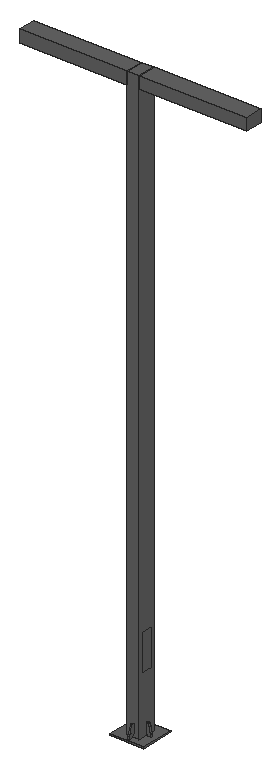
Revit family "Lin1-16.4ft-Double Head", category Lighting Fixtures, Revit 2022
Family settings
  Round Connector Dimension = Use Diameter
  Part Type = Normal
  OmniClass Number = 23.80.70.00
  OmniClass Title = Lighting
  Work Plane-Based = No
  Always vertical = Yes
  Cut with Voids When Loaded = No
  Light Source = No
  Maintain Annotation Orientation = No
  Shared = No
  Room Calculation Point = No
Parameters (values of type "LIN1-30W-3000K-II-9.84ft")
  Wattage Comments = "30W"
  URL = "https://www.abovealllighting.com/Product/LED-OUTDOOR-FIXTURES/LEDMOONSERIESPOSTTOP/MACKLINColumnLight.html"
  Power Factor = "0.9"
  Model = "LIN1-3030801-II-BK"
  Manufacturer = "Above All Lighting"  # constant formula
  Load Classification = Lighting
  Lamp = "LED"
  Input Voltage = "120-277V"
  IP Rating = "IP65"
  IES = IES : 30W-II
  H = 16' - 4 205/256"  # constant formula
  Default Elevation = 0' - 0"
  CRI = "80"
Types (17): name | Wattage Comments | Model | IES
  (no name) | "30W" | "LIN1-3030801-II-BK" | IES : 30W-II
  LIN1-30W-3000K-II-9.84ft | "30W" | "LIN1-3030801-II-BK" | IES : 30W-II
  LIN1-30W-3000K-III-9.84ft | "30W" | "LIN1-3030801-III-BK" | IES : 30W-III
  LIN1-30W-3000K-IV-9.84ft | "30W" | "LIN1-3030801-IV-BK" | IES : 30W-IV
  LIN1-30W-3000K-V-9.84ft | "30W" | "LIN1-3030801-V-BK" | IES : 30W-V
  LIN1-40W-3000K-II-9.84ft | "40W" | "LIN1-4030801-II-BK" | IES : 40W-II
  LIN1-40W-3000K-III-9.84ft | "40W" | "LIN1-4030801-III-BK" | IES : 40W-III
  LIN1-40W-3000K-IV-9.84ft | "40W" | "LIN1-4030801-IV-BK" | IES : 40W-IV
  LIN1-40W-3000K-V-9.84ft | "40W" | "LIN1-4030801-V-BK" | IES : 40W-V
  LIN1-50W-3000K-II-9.84ft | "50W" | "LIN1-5030801-II-BK" | IES : 50W-II
  LIN1-50W-3000K-III-9.84ft | "50W" | "LIN1-5030801-III-BK" | IES : 50W-III
  LIN1-50W-3000K-IV-9.84ft | "50W" | "LIN1-5030801-IV-BK" | IES : 50W-IV
  LIN1-50W-3000K-V-9.84ft | "50W" | "LIN1-5030801-V-BK" | IES : 50W-V
  LIN1-60W-3000K-II-9.84ft | "60W" | "LIN1-6030801-II-BK" | IES : 60W-II
  LIN1-60W-3000K-III-9.84ft | "60W" | "LIN1-6030801-III-BK" | IES : 60W-III
  LIN1-60W-3000K-IV-9.84ft | "60W" | "LIN1-6030801-IV-BK" | IES : 60W-IV
  LIN1-60W-3000K-V-9.84ft | "60W" | "LIN1-6030801-V-BK" | IES : 60W-V
Reference planes (in)
  plane 1 "Light Source Axis (F/B)": y = 0
  plane 2: z = 0
  plane 3 "Light Source Axis (L/R)": x = 0
  plane 4 "Light Source Elevation": z = 192.86078
  plane 5: z = 196.80078
  plane 6: x = -1.99
  plane 7: x = 1.99
  plane 8: x = 37.42
  plane 9: z = 192.86078
Forms (in)
  Extrusion 1, solid, material "Metal, Paint Finish, White, Matte"
    sketch origin (0, 0, 0) x (1, 0, 0) y (0, 1, 0)
      loop
        line (-1.99, 2.95) -> (-1.99, -2.95) -> (1.99, -2.95) -> (1.99, 2.95) -> (-1.99, 2.95)
    from 0 to 196.80078
  Extrusion 2, solid, material "Metal, Paint Finish, White, Matte"
    sketch origin (0, 0, 0) x (1, 0, 0) y (0, 1, 0)
      loop
        line (1.99, 2.95) -> (1.99, -2.95) -> (37.42, -2.95) -> (37.42, 2.95) -> (1.99, 2.95)
    from 192.86078 to 196.80078
  Extrusion 3, solid, material "Metal, Paint Finish, White, Matte"
    sketch origin (0, 0, 0) x (1, 0, 0) y (0, 1, 0)
      loop
        line (-5.51, 5.51) -> (-5.51, -5.51) -> (5.51, -5.51) -> (5.51, 5.51) -> (-5.51, 5.51)
    from 0 to 0.394
  Extrusion 4, solid, material "Glass, White, High Luminance"
    sketch origin (0, 0, 0) x (1, 0, 0) y (0, 1, 0)
      loop
        line (20.18595, 1.42747) -> (20.18595, -1.42747) -> (29.42, -1.42747) -> (29.42, 1.42747) -> (20.18595, 1.42747)
    from 192.78709 to 192.86078
  Extrusion 5, solid, material "Metal, Paint Finish, White, Matte"
    sketch origin (0, 0, 0) x (0, 1, 0) y (0, 0, 1)
      loop
        arc (-1.27, 31.5) -> (-1.62355, 31.35355) -> (-1.77, 31) r 0.5
        line (-1.77, 31) -> (-1.77, 20.19)
        arc (-1.77, 20.19) -> (-1.62355, 19.83645) -> (-1.27, 19.69) r 0.5
        line (-1.27, 19.69) -> (1.27, 19.69)
        arc (1.27, 19.69) -> (1.62355, 19.83645) -> (1.77, 20.19) r 0.5
        line (1.77, 20.19) -> (1.77, 31)
        arc (1.77, 31) -> (1.62355, 31.35355) -> (1.27, 31.5) r 0.5
        line (1.27, 31.5) -> (-1.27, 31.5)
    from 1.99 to 2.21533
  Extrusion 6, solid, material "Metal, Paint Finish, White, Matte"
    sketch origin (0, 0, 0) x (-1, 0, 0) y (0, -1, 0)
      loop
        line (1.99, -2.95) -> (37.42, -2.95) -> (37.42, 2.95) -> (1.99, 2.95) -> (1.99, -2.95)
    from 192.86078 to 196.80078
  Extrusion 7, solid, material "Glass, White, High Luminance"
    sketch origin (0, 0, 0) x (-1, 0, 0) y (0, -1, 0)
      loop
        line (20.18595, -1.42747) -> (29.42, -1.42747) -> (29.42, 1.42747) -> (20.18595, 1.42747) -> (20.18595, -1.42747)
    from 192.78709 to 192.86078
  Extrusion 8, solid, material "Metal, Paint Finish, White, Matte"
    sketch origin (-0.20493, 0, 0) x (0, 1, 0) y (0, 0, 1)
      loop
        line (-2.95, 1.18777) -> (-2.95, 4.32486) -> (-3.44573, 4.32486)
        arc (-3.44573, 4.32486) -> (-3.67329, 4.25224) -> (-3.81672, 4.06124) r 0.39285
        line (-3.81672, 4.06124) -> (-4.74377, 1.20807) -> (-4.74377, 0.394) -> (-3.74377, 0.394) -> (-2.95, 1.18777)
      loop
        line (2.95, 1.18777) -> (3.74377, 0.394) -> (4.74377, 0.394) -> (4.74377, 1.20807) -> (3.81672, 4.06124)
        arc (3.81672, 4.06124) -> (3.67329, 4.25224) -> (3.44573, 4.32486) r 0.39285
        line (3.44573, 4.32486) -> (2.95, 4.32486) -> (2.95, 1.18777)
    from 0 to 0.40986
  Extrusion 9, solid, material "Metal, Paint Finish, White, Matte"
    sketch origin (0, 0.20493, 0) x (1, 0, 0) y (0, 0, 1)
      loop
        line (-1.99, 1.18777) -> (-1.99, 4.32486) -> (-2.48573, 4.32486)
        arc (-2.48573, 4.32486) -> (-2.71329, 4.25224) -> (-2.85672, 4.06124) r 0.39285
        line (-2.85672, 4.06124) -> (-3.78377, 1.20807) -> (-3.78377, 0.394) -> (-2.78377, 0.394) -> (-1.99, 1.18777)
      loop
        line (1.99, 1.18777) -> (2.78377, 0.394) -> (3.78377, 0.394) -> (3.78377, 1.20807) -> (2.85672, 4.06124)
        arc (2.85672, 4.06124) -> (2.71329, 4.25224) -> (2.48573, 4.32486) r 0.39285
        line (2.48573, 4.32486) -> (1.99, 4.32486) -> (1.99, 1.18777)
    from 0 to 0.40986
Dimensions and locks (in)
  locked: plane 5 to plane 9 at 3.94
  locked: plane 8 to Extrusion 1 at 39.41
  "H": plane 5 to level
  locked: Extrusion 3 to Extrusion 3 at 0.394
  locked: Extrusion 1 to Extrusion 1 at 5.9
  locked: Extrusion 3 to Extrusion 3 at 11.02  (x2)
  locked: Extrusion 4 to Extrusion 2 at 0.07369
  locked: plane 8 to Extrusion 1 at 35.43
  locked: Extrusion 7 to Extrusion 6 at 0.07369
  aligned and locked: level to plane 2
  aligned and locked: Extrusion 1 to level
  aligned and locked: plane 5 to Extrusion 1
  aligned and locked: Extrusion 2 sketch curve to Extrusion 1  (x2)
  aligned and locked: plane 5 to Extrusion 2
  aligned and locked: plane 9 to Extrusion 2
  aligned and locked: Extrusion 2 to Extrusion 1
  aligned and locked: Extrusion 1 to plane 5
  aligned and locked: Extrusion 3 to level
  aligned and locked: plane 9 to plane 4 "Light Source Elevation"
  aligned and locked: Extrusion 4 to plane 9
  aligned and locked: Extrusion 5 to Extrusion 1
  aligned and locked: plane 5 to Extrusion 6
  aligned and locked: plane 9 to Extrusion 6
  aligned and locked: Extrusion 7 to plane 9
  aligned and locked: Extrusion 7 to Extrusion 4
  aligned and locked: nested 1 to Extrusion 2
  aligned and locked: nested 2 to plane 9
Automatic sketch dimensions
  Extrusion 1 sketch curve to plane 6 = 0' - 0"
  Extrusion 1 sketch curve to plane 7 = 0' - 0"
  plane 1 "Light Source Axis (F/B)" to Extrusion 1 sketch curve = 0' - 2.95"
  Extrusion 1 sketch curve to plane 1 "Light Source Axis (F/B)" = 0' - 2.95"
  Extrusion 2 sketch curve to plane 7 = 0' - 0"
  Extrusion 2 sketch curve to plane 8 = 0' - 0"
  plane 6 to Extrusion 3 sketch curve = 0' - 3.52"
  plane 7 to Extrusion 3 sketch curve = 0' - 3.52"
  plane 1 "Light Source Axis (F/B)" to Extrusion 3 sketch curve = 0' - 5.51"
  Extrusion 3 sketch curve to plane 1 "Light Source Axis (F/B)" = 0' - 5.51"
  plane 1 "Light Source Axis (F/B)" to Extrusion 4 sketch curve = 0' - 1.42747"
  Extrusion 4 sketch curve to plane 8 = 1' - 5.23405"
  Extrusion 4 sketch curve to plane 8 = 0' - 8"
  Extrusion 4 sketch curve to plane 1 "Light Source Axis (F/B)" = 0' - 1.42747"
  plane 1 "Light Source Axis (F/B)" to Extrusion 5 sketch curve = 0' - 1.77"
  Extrusion 5 sketch curve to Extrusion 5 sketch curve = 0' - 0 1/2"  (x3)
  Extrusion 5 sketch curve to plane 1 "Light Source Axis (F/B)" = 0' - 1.27"  (x2)
  level to Extrusion 5 sketch curve = 1' - 7.69"
  Extrusion 5 sketch curve to Extrusion 5 sketch curve = 0' - 10.81"
  Extrusion 6 sketch curve to plane 6 = 0' - 0"
  plane 1 "Light Source Axis (F/B)" to Extrusion 6 sketch curve = 0' - 2.95"
  Extrusion 6 sketch curve to Extrusion 6 sketch curve = 2' - 11.43"
  Extrusion 6 sketch curve to plane 1 "Light Source Axis (F/B)" = 0' - 2.95"
  plane 1 "Light Source Axis (F/B)" to Extrusion 7 sketch curve = 0' - 1.42747"
  plane 6 to Extrusion 7 sketch curve = 1' - 6.19595"
  Extrusion 7 sketch curve to Extrusion 7 sketch curve = 0' - 9.23405"
  Extrusion 7 sketch curve to plane 1 "Light Source Axis (F/B)" = 0' - 1.42747"
  level to Extrusion 8 sketch curve = 0' - 1.20807"
  plane 1 "Light Source Axis (F/B)" to Extrusion 8 sketch curve = 0' - 4.74377"
  Extrusion 8 sketch curve to Extrusion 8 sketch curve = 0' - 0.92705"
  level to Extrusion 8 sketch curve = 0' - 0.394"  (x2)
  Extrusion 8 sketch curve to Extrusion 8 sketch curve = 0' - 1"  (x2)
  Extrusion 8 sketch curve to Extrusion 8 sketch curve = 0' - 0.37099"  (x2)
  Extrusion 8 sketch curve to Extrusion 8 sketch curve = 0' - 0.49573"  (x2)
  level to Extrusion 8 sketch curve = 0' - 1.18777"
  Extrusion 8 sketch curve to plane 1 "Light Source Axis (F/B)" = 0' - 2.95"
  Extrusion 8 sketch curve to Extrusion 8 sketch curve = 0' - 0.79377"  (x2)
  Extrusion 8 sketch curve to Extrusion 8 sketch curve = 0' - 0.81407"
  Extrusion 8 sketch curve to Extrusion 8 sketch curve = 0' - 2.74424"  (x2)
  Extrusion 8 sketch curve to Extrusion 8 sketch curve = 0' - 0.12924"  (x2)
  plane 6 to Extrusion 9 sketch curve = 0' - 0"
  Extrusion 9 sketch curve to plane 7 = 0' - 0"
  plane 6 to Extrusion 9 sketch curve = 0' - 0.49573"
  level to Extrusion 9 sketch curve = 0' - 0.394"  (x2)
  plane 6 to Extrusion 9 sketch curve = 0' - 0.79377"
  Extrusion 9 sketch curve to Extrusion 9 sketch curve = 0' - 0.37099"  (x2)
  Extrusion 9 sketch curve to Extrusion 9 sketch curve = 0' - 1"  (x2)
  plane 7 to Extrusion 9 sketch curve = 0' - 0.49573"
  plane 7 to Extrusion 9 sketch curve = 0' - 0.79377"
  Extrusion 9 sketch curve to Extrusion 9 sketch curve = 0' - 0.79377"  (x2)
  Extrusion 9 sketch curve to Extrusion 9 sketch curve = 0' - 0.81407"  (x2)
  Extrusion 9 sketch curve to Extrusion 9 sketch curve = 0' - 2.74424"  (x2)
  Extrusion 9 sketch curve to Extrusion 9 sketch curve = 0' - 0.12924"  (x2)
Nested families (in)
  nested 1: "IES" at (0.09631, 0.10083, 192.86078), type <- "IES", type "30W-II"
    with built-in parameter 1001306 4.4167 (stored number, unit not read)
  nested 2: "IES" at (-0.09631, -0.10083, 192.86078) x (-1, 0, 0) z (0, 0, 1), type <- "IES", type "30W-II"
    with built-in parameter 1001306 4.4167 (stored number, unit not read)
Definition of nested family "IES"
  Parameters (values of type "60W-V")
    Wattage = 51.8305 W
    built-in parameter 1150110 = 1 (stored number, unit not read)
    built-in parameter 1114217 = 1 (stored number, unit not read)
    Tilt Angle = 90.00°
    built-in parameter 1150109 = 1 (stored number, unit not read)
    built-in parameter 1150134 = (empty or 0)
    built-in parameter 1150113 = 1 (stored number, unit not read)
    Power Factor = ""
    Photometric Web File = "LIN1-6030801-V-BK.IES"
    Manufacturer = "Above All Lighting"
    built-in parameter 1150105 = 4711.7 (stored number, unit not read)
    Lumens = 7699 lm
    built-in parameter 1150115 = 1 (stored number, unit not read)
    Load Classification = none
    built-in parameter 1150137 = (empty or 0)
    built-in parameter 1150139 = (empty or 0)
    built-in parameter 1001306 [instance] = 2' - 0 103/128"
    built-in parameter 1150112 = 1 (stored number, unit not read)
    built-in parameter 1150114 = 1 (stored number, unit not read)
    Input Voltage = ""
    built-in parameter 1150132 = 2
    built-in parameter 1150102 = (empty or 0)
    built-in parameter 1150107 = 3000 (stored number, unit not read)
    built-in parameter 1150138 = (empty or 0)
    built-in parameter 1150106 = 47.117 (stored number, unit not read)
    IP Rating = ""
    built-in parameter 1150104 = 13.8 (stored number, unit not read)
    Dimming Lamp Color Temperature Shift = (empty or 0)
    Default Elevation = 0' - 0"
    Color Filter = 16777215
    CRI = ""
    built-in parameter 1114218 = 1 (stored number, unit not read)
    built-in parameter 1150133 = 10 (stored number, unit not read)
  Types (17): name | Wattage | Photometric Web File | built-in parameter 1150105 | Lumens | built-in parameter 1150106
    (no name) | 51.8305 W | "LIN1-6030801-V-BK.IES" | 4711.7 (stored number, unit not read) | 7699 lm | 47.117 (stored number, unit not read)
    30W-II | 30.2473 W | "LIN1-3030801-II-BK.IES" | 2340.8 (stored number, unit not read) | 4493 lm | 23.408 (stored number, unit not read)
    30W-III | 30.0925 W | "LIN1-3030801-III-BK.IES" | 2328.8 (stored number, unit not read) | 4470 lm | 23.288 (stored number, unit not read)
    30W-IV | 30.9609 W | "LIN1-3030801-IV-BK.IES" | 2036.5 (stored number, unit not read) | 4599 lm | 20.365 (stored number, unit not read)
    30W-V | 29.7694 W | "LIN1-3030801-V-BK.IES" | 2711.3 (stored number, unit not read) | 4422 lm | 27.113 (stored number, unit not read)
    40W-II | 38.097 W | "LIN1-4030801-II-BK.IES" | 2952.9 (stored number, unit not read) | 5659 lm | 29.529 (stored number, unit not read)
    40W-III | 35.0877 W | "LIN1-4030801-III-BK.IES" | 2707.6 (stored number, unit not read) | 5212 lm | 27.076 (stored number, unit not read)
    40W-IV | 39.2616 W | "LIN1-4030801-IV-BK.IES" | 2586.6 (stored number, unit not read) | 5832 lm | 25.866 (stored number, unit not read)
    40W-V | 37.7806 W | "LIN1-4030801-V-BK.IES" | 3439.9 (stored number, unit not read) | 5612 lm | 34.399 (stored number, unit not read)
    50W-II | 45.2801 W | "LIN1-5030801-II-BK.IES" | 3511.6 (stored number, unit not read) | 6726 lm | 35.116 (stored number, unit not read)
    50W-III | 41.2813 W | "LIN1-5030801-III-BK.IES" | 3181.7 (stored number, unit not read) | 6132 lm | 31.817 (stored number, unit not read)
    50W-IV | 46.8622 W | "LIN1-6030801-IV-BK.IES" | 3085 (stored number, unit not read) | 6961 lm | 30.85 (stored number, unit not read)
    50W-V | 45.2397 W | "LIN1-5030801-V-BK.IES" | 4112.6 (stored number, unit not read) | 6720 lm | 41.126 (stored number, unit not read)
    60W-II | 53.1028 W | "LIN1-6030801-II-BK.IES" | 4192.5 (stored number, unit not read) | 7888 lm | 41.925 (stored number, unit not read)
    60W-III | 48.1009 W | "LIN1-6030801-III-BK.IES" | 3712.2 (stored number, unit not read) | 7145 lm | 37.122 (stored number, unit not read)
    60W-IV | 53.4192 W | "LIN1-6030801-IV-BK.IES" | 3507.8 (stored number, unit not read) | 7935 lm | 35.078 (stored number, unit not read)
    60W-V | 51.8305 W | "LIN1-6030801-V-BK.IES" | 4711.7 (stored number, unit not read) | 7699 lm | 47.117 (stored number, unit not read)
  Reference planes (in)
    plane 1 "Center (Front/Back)": y = 0
    plane 2: z = 0
    plane 3 "Left": x = 0
    plane 4 "Right": x = 24.80469
  Lines and regions (in)
    reference lines
      curve 1: line (0, 0, 0) -> (24.80469, 0, 0)
  Dimensions and locks (in)
    "built-in parameter 1001306": plane 3 "Left" to plane 4 "Right"
    aligned and locked: plane 4 "Right" to curve 1
    aligned and locked: plane 1 "Center (Front/Back)" to curve 1
    aligned and locked: plane 3 "Left" to curve 1
    aligned and locked: level to plane 2
